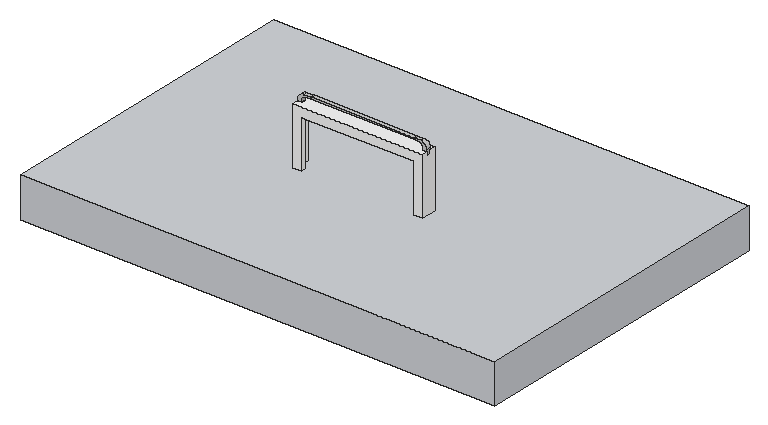
Revit family "SOT_Turano_Multiproduct_BIM_GB_R4311;R4312", category Plumbing Fixtures, host Face, Revit 2014
Parameters (values of type "R4312WG - Turano 1000mm Shelf Unit")
  WaterEfficientProduct = no
  WarrantyStartDate [instance] = "1900-12-31T23:59:59"
  WarrantyGuarantorParts = "Sottinicustomercare@sottini.co.uk"
  WarrantyGuarantorLabor = "n/a"
  WarrantyDurationUnit = "year"
  WarrantyDurationParts = "5"
  WarrantyDurationLabor = "n/a"
  WarrantyDescription = "Manufacturers warranty"
  WRAS = no
  WFU = 0
  VolumeUnits = "Litres"
  Version = "1"
  Uniclass2015Version = "Products v1.1"
  Uniclass2015Title = "Bathroom Cupboard"
  Uniclass2015Code = "Pr_40_30_78_04"
  URL = "www.specifysottini.co.uk"
  Type Comments = "n/a"
  TagNumber [instance] = "n/a"
  TMV3 = no
  SustainabilityPerformance = "n/a"
  Style = "n/a"
  SpareParts = "www.fastpart-spares.co.uk"
  Space = "Internal"
  Size = "440 x 997 x 120 mm"
  Shape = "Rectangular"
  SerialNumber [instance] = "n/a"
  Revision = "n/a"
  ReplacementCost = "n/a"
  ProductInformation = "http://www.idealspec.co.uk/assets/datasheet/R4312WG"
  Phone = "0800 834266"
  NominalWidth = 997 mm
  NominalLength = 0 mm
  NominalHeight = 120 mm
  NominalDepth = 440 mm
  NettWeight = "5.5Kg"
  Name = "SOT_Furniture_Turano_R4312WG_Sottini"
  NBSTypeID = "n/a"
  NBSReference = "45-35-70/320"
  NBSOfficeMasterTag = "n/a"
  NBSNote = "n/a"
  NBSDescription = "Bathroom cupboards"
  NBSCertification = "n/a"
  ModelReference = Description  # ""
  ModelNumber = Model  # ""
  Model = "R4312WG"
  Material = "Laminated board"
  ManufacturerURL = "www.specifysottini.co.uk"
  Manufacturer = "Sottinisales@sottini.co.uk"
  MainColor = Color  # "White"
  LinearUnits = "millimeters"
  LaminateMtl = SOT_Sottini_Laminate_White_Render
  Keynote = "n/a"
  InstallationInstructions = "www.idealspec.co.uk/resources.html"
  InstallationDate [instance] = "1900-12-31T23:59:59"
  IfcExportType = "WORKTOP"
  IfcExportAs = "IfcFurnitureType"
  HandleMtl = SOT_Sottini_Fittings_Chrome_Render
  HWFU = 0
  GrossWeight = "n/a"
  Grade = "n/a"
  Finish = Color  # "White"
  Features = "Turano 1000mm Shelf Unit"
  ExpectedLife = "30"
  ECA = no
  DurationUnit = "year"
  DistributedBy = "n/a"
  Description = "Turano 1000mm shelf unit"
  Default Elevation = 800 mm
  CurrencyUnit = "n/a"
  CreatedOn = "2016 -12 -2"
  Cost = 0
  Constituents = "n/a"
  Color = "White"
  CodePerformance = "n/a"
  CWFU = 0
  Brand = "Sottini"
  BarCode [instance] = "n/a"
  BREEAM = no
  BIMObjectName = "SOT_Sottini_Furniture_Turano_R4312WG"
  Author = "Sottini"
  AssetType = "Fixed"
  AssetIdentifier [instance] = "n/a"
  Assembly Code = "C1030200"
  AreaUnits = "millimeters"
  AreaMeasurement = "n/a"
  Accessories = "www.specifysottini.co.uk"
  AccessibilityPerformance = "n/a"
Types (2, lengths in mm): name | Size | ProductInformation | NominalWidth | NettWeight | Name | Model | Features | Description | BIMObjectName
  R4311WG - Turano 800mm Shelf Unit | "440 x 797 x 120 mm" | "http://www.idealspec.co.uk/assets/datasheet/R4311WG" | 797 | "5Kg" | "SOT_Furniture_Turano_R4311WG_Sottini" | "R4311WG" | "Turano 800mm Shelf Unit" | "Turano 800mm shelf unit" | "SOT_Sottini_Furniture_Turano_R4311WG"
  R4312WG - Turano 1000mm Shelf Unit | "440 x 997 x 120 mm" | "http://www.idealspec.co.uk/assets/datasheet/R4312WG" | 997 | "5.5Kg" | "SOT_Furniture_Turano_R4312WG_Sottini" | "R4312WG" | "Turano 1000mm Shelf Unit" | "Turano 1000mm shelf unit" | "SOT_Sottini_Furniture_Turano_R4312WG"
Reference planes
  plane 1 "Center (Front/Back)": y = 0
  plane 2: z = 0
  plane 3 "Center (Left/Right)": x = 0
  plane 4: y = -120
  plane 5: x = 997
  plane 6: z = 440
  plane 7: y = -92.631
  plane 8: z = 420
  plane 9: x = 977
  plane 10: x = 20
  plane 11: y = -60
  plane 12: y = -45
  plane 13: y = -75
  plane 14: z = 410
  plane 15: z = 500
  plane 16: x = 100
  plane 17: x = 897
  plane 18: x = 30
  plane 19: x = 967
Forms (mm)
  Extrusion 1, solid
    sketch origin (0, 0, 0) x (1, 0, 0) y (0, 1, 0)
      loop
        line (-1219.2, 1219.2) -> (-1219.2, -1219.2) -> (2433.486, -1219.2) -> (2433.486, 1219.2) -> (-1219.2, 1219.2)
    from 0 to -304.8
  Extrusion 2, solid, material "SOT_Sottini_Laminate_White_Render" <- "LaminateMtl"
    sketch origin (-62.288, -120, 1219.2) x (-1, 0, 0) y (0, 0, 1)
      loop
        line (-1059.288, -779.2) -> (-1059.288, -1219.2) -> (-989.288, -1219.2) -> (-989.288, -849.2) -> (-132.288, -849.2) -> (-132.288, -1219.2) -> (-62.288, -1219.2) -> (-62.288, -779.2) -> (-1059.288, -779.2)
    from 0 to 120
  Extrusion 3, void
    sketch origin (0, 0, 0) x (-1, 0, 0) y (0, 0, 1)
      loop
        line (-977, 420) -> (-977, 0) -> (-927, 0) -> (-927, 370) -> (-70, 370) -> (-70, 0) -> (-20, 0) -> (-20, 420) -> (-977, 420)
    from -92.631 to 0
  Extrusion 4, solid, material "SOT_Sottini_Fittings_Chrome_Render" <- "HandleMtl"
    sketch origin (0, -75, 1219.2) x (-1, 0, 0) y (0, 0, 1)
      loop
        line (-897, -719.2) -> (-897, -729.2) -> (-100, -729.2) -> (-100, -719.2) -> (-897, -719.2)
    from 0 to 30
  Extrusion 5, void
    sketch origin (-236.167, -4572, 440) x (0, -1, 0) y (-1, 0, 0)
      loop
        line (-4527, -236.167) -> (-4527, -238.167) -> (-4497, -238.167) -> (-4497, -236.167) -> (-4527, -236.167)
      loop
        line (-4527, -1233.167) -> (-4497, -1233.167) -> (-4497, -1231.167) -> (-4527, -1231.167) -> (-4527, -1233.167)
    from 0 to 30
  Extrusion 6, solid, material "SOT_Sottini_Fittings_Chrome_Render" <- "HandleMtl"
    sketch origin (0, -75, 1219.2) x (-1, 0, 0) y (0, 0, 1)
      loop
        arc (-947, -719.2) -> (-982.355, -733.845) -> (-997, -769.2) r 50
        line (-997, -769.2) -> (-997, -809.2) -> (-995, -809.2) -> (-995, -779.2) -> (-967, -779.2) -> (-967, -774.2)
        arc (-967, -774.2) -> (-953.82, -742.38) -> (-922, -729.2) r 45
        line (-922, -729.2) -> (-897, -729.2) -> (-897, -719.2) -> (-947, -719.2)
      loop
        line (-50, -719.2) -> (-100, -719.2) -> (-100, -729.2) -> (-75, -729.2)
        arc (-75, -729.2) -> (-43.18, -742.38) -> (-30, -774.2) r 45
        line (-30, -774.2) -> (-30, -779.2) -> (-2, -779.2) -> (-2, -809.2) -> (0, -809.2) -> (0, -769.2)
        arc (0, -769.2) -> (-14.645, -733.845) -> (-50, -719.2) r 50
    from 0 to 30
Cuts and joins
  Extrusion 3, Extrusion 5 cuts Extrusion 2
Dimensions and locks
  "NominalWidth": plane 3 "Center (Left/Right)" to plane 5
  "NominalHeight": plane 1 "Center (Front/Back)" to plane 4
  "NominalDepth": plane 6 to Extrusion 1
  equal spacing: plane 4, plane 11, plane 1 "Center (Front/Back)"
  locked: plane 3 "Center (Left/Right)" to plane 16 at 100
  locked: plane 17 to plane 5 at 100
  locked: plane 3 "Center (Left/Right)" to plane 18 at 30
  locked: plane 19 to plane 5 at 30
  locked: plane 5 to plane 9 at 20
  locked: plane 10 to plane 3 "Center (Left/Right)" at 20
  locked: plane 8 to plane 6 at 20
  aligned and locked: Extrusion 1 to plane 2
  aligned and locked: level to Extrusion 1
  aligned and locked: Extrusion 2 sketch curve to plane 6
  aligned and locked: plane 5 to Extrusion 2 sketch curve
  aligned and locked: level to Extrusion 2 sketch curve
  aligned and locked: plane 3 "Center (Left/Right)" to Extrusion 2 sketch curve
  aligned and locked: Extrusion 2 to plane 1 "Center (Front/Back)"
  aligned and locked: Extrusion 2 to plane 4
  aligned and locked: Extrusion 3 sketch curve to plane 8
  aligned and locked: Extrusion 3 sketch curve to plane 9
  aligned and locked: level to Extrusion 3 sketch curve
  aligned and locked: plane 10 to Extrusion 3 sketch curve
  aligned and locked: Extrusion 3 to plane 7
  aligned and locked: Extrusion 3 to plane 1 "Center (Front/Back)"
  aligned and locked: plane 12 to Extrusion 4
  aligned and locked: Extrusion 4 to plane 13
  aligned and locked: plane 16 to Extrusion 4
  aligned and locked: Extrusion 4 to plane 17
  aligned and locked: Extrusion 5 sketch curve to plane 3 "Center (Left/Right)"
  aligned and locked: cut or joined group of Extrusion 2, Extrusion 3, Extrusion 5 to Extrusion 5 sketch curve
  aligned and locked: plane 14 to Extrusion 5
  aligned and locked: plane 6 to Extrusion 5
  aligned and locked: Extrusion 6 sketch curve to Extrusion 6 sketch curve  (x2)
  aligned and locked: Extrusion 6 to cut or joined group of Extrusion 2, Extrusion 3, Extrusion 5
  aligned and locked: Extrusion 6 to plane 13
  aligned and locked: plane 13 to Extrusion 5 sketch curve  (x2)
Automatic sketch dimensions
  Extrusion 1 sketch curve to Extrusion 1 sketch curve = 3652.686 mm
  Extrusion 1 sketch curve to Extrusion 1 sketch curve = 2438.4 mm
  Extrusion 3 sketch curve to plane 9 = 50 mm
  Extrusion 3 sketch curve to plane 8 = 50 mm
  Extrusion 3 sketch curve to Extrusion 3 sketch curve = 50 mm
  Extrusion 3 sketch curve to level = 0 mm
  Extrusion 2 sketch curve to level = 0 mm
  Extrusion 2 sketch curve to plane 17 = 30 mm
  plane 16 to Extrusion 2 sketch curve = 30 mm
  plane 14 to Extrusion 2 sketch curve = 40 mm
  plane 17 to Extrusion 4 sketch curve = 0 mm
  plane 16 to Extrusion 4 sketch curve = 0 mm
  Extrusion 4 sketch curve to plane 15 = 0 mm
  Extrusion 4 sketch curve to Extrusion 4 sketch curve = 10 mm
  Extrusion 5 sketch curve to plane 12 = 0 mm  (x2)
  Extrusion 5 sketch curve to Extrusion 5 sketch curve = 2 mm  (x2)
  plane 5 to Extrusion 6 sketch curve = 0 mm
  Extrusion 6 sketch curve to plane 14 = 0 mm  (x2)
  Extrusion 6 sketch curve to plane 6 = 0 mm  (x2)
  Extrusion 6 sketch curve to plane 19 = 0 mm
  Extrusion 6 sketch curve to plane 15 = 0 mm  (x2)
  plane 17 to Extrusion 6 sketch curve = 0 mm
  plane 16 to Extrusion 6 sketch curve = 0 mm
  Extrusion 6 sketch curve to plane 18 = 0 mm
  Extrusion 6 sketch curve to plane 3 "Center (Left/Right)" = 0 mm
  Extrusion 6 sketch curve to Extrusion 6 sketch curve = 2 mm
  plane 6 to Extrusion 6 sketch curve = 10 mm
  plane 6 to Extrusion 6 sketch curve = 5 mm  (x2)
  Extrusion 6 sketch curve to plane 17 = 25 mm
  plane 16 to Extrusion 6 sketch curve = 25 mm
  plane 18 to Extrusion 6 sketch curve = 20 mm
  plane 3 "Center (Left/Right)" to Extrusion 6 sketch curve = 2 mm
